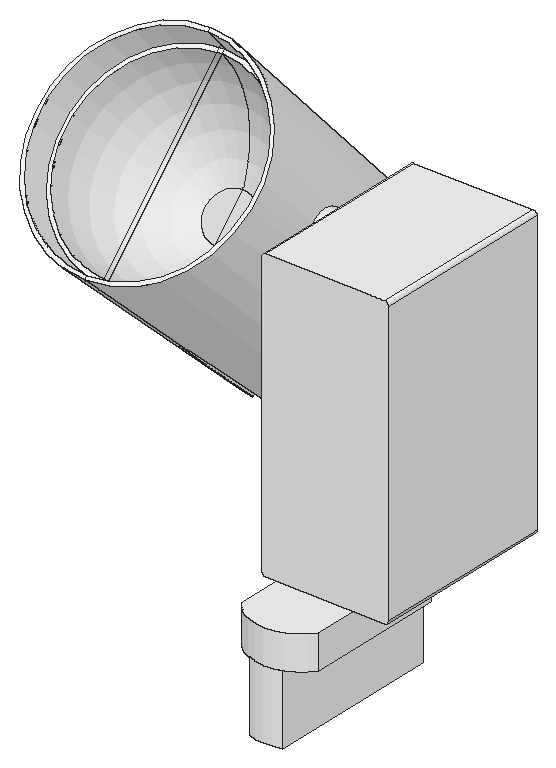
Revit family "0004871 Feilo Sylvania Lighting Fixture START TRACK SPOT S 14W 4K RA90 NB WHITE", category Lighting Fixtures, host Face, Revit 2017 (continued)
Definition of nested family "Start Track Spot Head"
  Types (96, lengths in mm): name | Wattage | built-in parameter 1150134 | Photometric Web File | Model | built-in parameter 1150105 | Lumens | built-in parameter 1150107 | built-in parameter 1150106 | HeadThickness_FEILO | HeadRibOffset_FEILO | HeadRibDepth_FEILO | HeadRibCutWidth_FEILO | HeadRibCutOffset_FEILO | HeadReflectorRadius_FEILO | HeadReflectorOffset_FEILO | HeadLEDRadius_FEILO | HeadHeight_FEILO | HeadDiffusorOffset_FEILO | HeadDiaOut_FEILO | HeadDiaIn_FEILO | HeadAxisFromTop_FEILO | Emit from Circle Diameter | built-in parameter 1150104 | Description | Apparent Load
    0004812 START TRACK SPOT S 14W 3K RA80 MB WHITE | 14 W | (empty or 0) | "0004812.ies" | "START TRACK SPOT S 14W 3K RA80 MB WHITE" | 120.32 (stored number, unit not read) | 1512 lm | 3000 (stored number, unit not read) | 1.2032 (stored number, unit not read) | 1.5 | 4.179 | 55.714 | 7.167 | 50.87 | 50.588 | 55.714 | 9.556 | 117 | 9.435 | 86 | 77.477 | 69.354 | 77.477 | 10.034 (stored number, unit not read) | "Integrated LED spotlight, Textured White - RAL9016, compact and minimalist design, ideal for retail applications, die-cast aluminium body, passive cooling heatsink. Beam angle: 36°, color temperature: 3000K , total system power: 14W, total fixture output: 1508 lm, LOR: 100%, colour rendering: Ra: 80 typical, LED Chromaticity: 3 step MacAdam ellipse, lifetime: >50000 hours at L70B50, energy class: A++, A+, A, IR/UV free light source without heat radiation, operating voltage: 220-240V / 50-60Hz, drive current: 350mA, electronic driver, non-dimmable, power factor: 0.92, electrical protection: Class II, Global Track 3 Phase adapter suitable for Global trac 3-circuit tracks, ingress protection rating: IP20, suitable for internal environment only, horizontal rotation: 355°, vertical tilt: 90°, dimensions: Ø86x140x200, weight: 0.940kg." | 14 VA
    0004811 START TRACK SPOT S 14W 3K RA80 NB WHITE | 14 W | (empty or 0) | "0004811.ies" | "START TRACK SPOT S 14W 3K RA80 NB WHITE" | 123.66 (stored number, unit not read) | 1554 lm | 3000 (stored number, unit not read) | 1.2366 (stored number, unit not read) | 1.5 | 4.179 | 55.714 | 7.167 | 50.87 | 50.588 | 55.714 | 9.556 | 117 | 9.435 | 86 | 77.477 | 69.354 | 77.477 | 10.312 (stored number, unit not read) | "Integrated LED spotlight, Textured White - RAL9016, compact and minimalist design, ideal for retail applications, die-cast aluminium body, passive cooling heatsink. Beam angle: 12°, color temperature: 3000K , total system power: 14W, total fixture output: 1551 lm, LOR: 100%, colour rendering: Ra: 80 typical, LED Chromaticity: 3 step MacAdam ellipse, lifetime: >50000 hours at L70B50, energy class: A++, A+, A, IR/UV free light source without heat radiation, operating voltage: 220-240V / 50-60Hz, drive current: 350mA, electronic driver, non-dimmable, power factor: 0.92, electrical protection: Class II, Global Track 3 Phase adapter suitable for Global trac 3-circuit tracks, ingress protection rating: IP20, suitable for internal environment only, horizontal rotation: 355°, vertical tilt: 90°, dimensions: Ø86x140x200, weight: 0.940kg." | 14 VA
  Reference planes
    plane 1 "Center (Front/Back)": y = 0
    plane 2: z = 0
    plane 3 "Center (Left/Right)": x = 0
    plane 4: x = 43
    plane 5: x = -43
    plane 6: x = -38.739
    plane 7: x = 38.739
    plane 8: z = 69.354
    plane 9: z = -47.646
    plane 10: x = -41.5
    plane 11: x = -37.239
    plane 12: z = -38.211
    plane 13: z = -35.211
    plane 14: z = 8.068
    plane 15: x = -9.556
    plane 16: x = -28.667
    plane 17: x = -19.111
    plane 18: x = -27.167
    plane 19: x = -17.611
    plane 20: x = -8.056
    plane 21: z = 13.64
    plane 22: x = -29.667
    plane 23: x = -26.167
    plane 24: x = -20.111
    plane 25: x = -16.611
    plane 26: x = -10.556
    plane 27: x = -7.056
    plane 28: x = -36.239
    plane 29: x = -40.5
    plane 30: z = 65.175
    plane 31: z = 60.997
    plane 32: z = 56.818
    plane 33: z = 18.484
    plane 34: y = -43
    plane 35: y = 43
    plane 36: y = 3.583
    plane 37: y = -3.583
    plane 38: y = -2.583
    plane 39: y = 2.583
    plane 40: y = 46
    plane 41: z = 13.5
    plane 42: z = -13.5
    plane 43: y = 39
    plane 44: x = 4.708
    plane 45: x = -2.458
    plane 46: x = -1.458
    plane 47: x = 1.458
  Forms (mm)
    Extrusion 1, solid
      sketch origin (4.2, 0, 0) x (1, 0, 0) y (0, 1, 0)
        loop
          line (-1219.2, 1219.2) -> (-1219.2, -1219.2) -> (1219.2, -1219.2) -> (1219.2, 1219.2) -> (-1219.2, 1219.2)
      from 0 to -68.017
    Revolve 2, solid, material <- "Material_1_FEILO", detail levels medium+fine
      sketch origin (0, 0, 0) x (1, 0, 0) y (0, 0, 1)
        loop
          line (-43, -47.646) -> (-41.5, -47.646) -> (-40.5, -35.211) -> (-38.739, -35.211)
          arc (-38.739, -35.211) -> (-30.16, -9.517) -> (-9.556, 8.068) r 50.588
          line (-9.556, 8.068) -> (0, 8.068) -> (0, 13.64) -> (-16.611, 13.64) -> (-17.611, 60.997) -> (-19.111, 60.997) -> (-20.111, 13.64) -> (-36.239, 13.64) -> (-37.239, 69.354) -> (-38.739, 69.354) -> (-43, -47.646)
        axis (0, 69.354) -> (0, -47.646)
      angle from 360 to 0
    Extrusion 3, void
      sketch origin (0, 0, 0) x (0, 1, 0) y (0, 0, 1)
        loop
          line (-3.583, 69.354) -> (-2.583, 18.484) -> (1.932, 18.484) -> (2.932, 69.354) -> (-3.583, 69.354)
      from 43 to -43
    Revolve 4, solid, material <- "Material_2_FEILO", detail levels medium+fine
      sketch origin (0, 0, 0) x (1, 0, 0) y (0, 0, 1)
        loop
          line (-41.5, -38.211) -> (0, -38.211) -> (0, -35.211) -> (-41.5, -35.211) -> (-41.5, -38.211)
        axis (0, -35.211) -> (0, -38.211)
      angle from 360 to 0
    Revolve 5, solid, material <- "Material_1_FEILO"
      sketch origin (0, 0, 0) x (0, 1, 0) y (0, 0, 1)
        loop
          line (46, 0) -> (39, 0) -> (39, -13.5) -> (46, -13.5) -> (46, 0)
        axis (39, 0) -> (46, 0)
      angle from 360 to 0
    Revolve 6, solid, material <- "Material_1_FEILO", detail levels medium+fine
      sketch origin (0, 0, 0) x (1, 0, 0) y (0, 0, 1)
        loop
          line (-29.667, 13.64) -> (-26.167, 13.64) -> (-27.167, 65.175) -> (-28.667, 65.175) -> (-29.667, 13.64)
        loop
          line (-10.556, 13.64) -> (-7.056, 13.64) -> (-7.833, 56.818) -> (-9.778, 56.818) -> (-10.556, 13.64)
        axis (0, 65.175) -> (0, 13.64)
      angle from 360 to 0
    Extrusion 7, void
      sketch origin (0, 0, 0) x (1, 0, 0) y (0, 0, 1)
        loop
          line (4.708, 69.354) -> (-2.458, 69.354) -> (-1.458, 13.64) -> (1.458, 13.64) -> (4.708, 69.354)
      from -43 to 43
    Revolve 8, solid, material <- "Material_1_FEILO", detail levels coarse
      sketch origin (0, 0, 0) x (1, 0, 0) y (0, 0, 1)
        loop
          line (0, 69.354) -> (-38.739, 69.354) -> (-43, -47.646) -> (-41.5, -47.646) -> (-40.731, -38.211) -> (0, -38.211) -> (0, 69.354)
        axis (0, 69.354) -> (0, -47.646)
      angle from 360 to 0
  Cuts and joins
    Extrusion 3 cuts Revolve 2
    Extrusion 7 cuts Revolve 6
  Dimensions and locks
    equal spacing: plane 7, plane 3 "Center (Left/Right)", plane 6
    equal spacing: plane 4, plane 3 "Center (Left/Right)", plane 5
    "HeadDiaOut_FEILO": plane 4 to plane 5
    "HeadDiaIn_FEILO": plane 7 to plane 6
    "HeadHeight_FEILO": plane 8 to plane 9
    "HeadThickness_FEILO": plane 10 to plane 5
    "HeadThickness_FEILO": plane 11 to plane 6
    "HeadDiffusorOffset_FEILO": plane 12 to plane 9
    "HeadDiffusorThickness_FEILO": plane 13 to plane 12
    "HeadReflectorOffset_FEILO": plane 14 to plane 9
    "HeadLEDRadius_FEILO": plane 3 "Center (Left/Right)" to plane 15
    "HeadLEDRadius_FEILO": plane 15 to plane 17
    "HeadLEDRadius_FEILO": plane 17 to plane 16
    "HeadThickness_FEILO": plane 18 to plane 16
    "HeadThickness_FEILO": plane 19 to plane 17
    "HeadThickness_FEILO": plane 20 to plane 15
    "HeadRibDepth_FEILO": plane 8 to plane 21
    "HeadDraft_FEILO": plane 16 to plane 22
    "HeadDraft_FEILO": plane 23 to plane 18
    "HeadDraft_FEILO": plane 17 to plane 24
    "HeadDraft_FEILO": plane 25 to plane 19
    "HeadDraft_FEILO": plane 15 to plane 26
    "HeadDraft_FEILO": plane 27 to plane 20
    "HeadDraft_FEILO": plane 29 to plane 10
    "HeadDraft_FEILO": plane 28 to plane 11
    "HeadRibOffset_FEILO": plane 8 to plane 30
    "HeadRibOffset_FEILO": plane 30 to plane 31
    "HeadRibOffset_FEILO": plane 31 to plane 32
    "HeadAxisFromTop_FEILO": plane 8 to plane 2
    "HeadRibCutOffset_FEILO": plane 8 to plane 33
    equal spacing: plane 34, plane 1 "Center (Front/Back)", plane 35
    "HeadDiaOut_FEILO": plane 34 to plane 35
    equal spacing: plane 38, plane 1 "Center (Front/Back)", plane 39
    equal spacing: plane 37, plane 1 "Center (Front/Back)", plane 36
    "HeadRibCutWidth_FEILO": plane 37 to plane 36
    "HeadDraft_FEILO": plane 37 to plane 38
    locked: plane 35 to plane 40 at 3
    equal spacing: plane 41, plane 2, plane 42
    locked: plane 42 to plane 41 at 27
    locked: plane 43 to plane 35 at 4
    equal spacing: plane 45, imposter light, plane 44
    "HeadDraft_FEILO": plane 46 to plane 45
    "HeadRibCutWidth_FEILO": plane 44 to plane 45
    equal spacing: plane 47, plane 3 "Center (Left/Right)", plane 46
    "HeadReflectorRadius_FEILO": radius of Revolve 2 sketch curve
    aligned and locked: plane 2 to Extrusion 1
    aligned and locked: level to Extrusion 1
    aligned and locked: Revolve 2 sketch curve to plane 3 "Center (Left/Right)"  (x2)
    aligned and locked: plane 9 to Revolve 2 sketch curve  (x2)
    aligned and locked: plane 5 to Revolve 2 sketch curve
    aligned and locked: plane 10 to Revolve 2 sketch curve
    aligned and locked: plane 14 to Revolve 2 sketch curve
    aligned and locked: plane 8 to Revolve 2 sketch curve
    aligned and locked: Revolve 2 sketch curve to plane 13
    aligned and locked: plane 12 to Revolve 4 sketch curve
    aligned and locked: plane 3 "Center (Left/Right)" to Revolve 4 sketch curve
    aligned and locked: Revolve 4 sketch curve to plane 10
    aligned and locked: Revolve 4 sketch curve to plane 3 "Center (Left/Right)"
    aligned and locked: plane 12 to imposter light
    aligned and locked: imposter light to plane 1 "Center (Front/Back)"
    aligned and locked: Revolve 5 sketch curve to plane 2
    aligned and locked: plane 43 to Revolve 5 sketch curve
    aligned and locked: plane 42 to Revolve 5 sketch curve
    aligned and locked: Revolve 6 sketch curve to plane 3 "Center (Left/Right)"
    aligned and locked: plane 22 to Revolve 6 sketch curve
    aligned and locked: plane 30 to Revolve 6 sketch curve
    aligned and locked: plane 23 to Revolve 6 sketch curve
    aligned and locked: Revolve 6 sketch curve to plane 21  (x2)
    aligned and locked: plane 21 to Revolve 6 sketch curve
    aligned and locked: plane 17 to Revolve 2 sketch curve
    aligned and locked: plane 19 to Revolve 2 sketch curve
    aligned and locked: plane 31 to Revolve 2 sketch curve
    aligned and locked: plane 21 to Revolve 2 sketch curve
    aligned and locked: Extrusion 3 to plane 8
    aligned and locked: plane 33 to Extrusion 3
    aligned and locked: plane 8 to Extrusion 3 sketch curve
    aligned and locked: Extrusion 3 sketch curve to plane 33
    aligned and locked: Extrusion 3 to plane 5
    aligned and locked: plane 4 to Extrusion 3
    aligned and locked: plane 32 to Revolve 6 sketch curve
    aligned and locked: plane 44 to Extrusion 7 sketch curve
    aligned and locked: Extrusion 7 sketch curve to plane 8
    aligned and locked: plane 46 to Extrusion 7 sketch curve
    aligned and locked: plane 21 to Extrusion 7 sketch curve
    aligned and locked: plane 34 to Extrusion 7
    aligned and locked: Extrusion 7 to plane 35
    aligned and locked: Revolve 4 sketch curve to plane 13
    aligned and locked: Revolve 5 sketch curve to plane 40
    aligned and locked: Revolve 8 sketch curve to plane 3 "Center (Left/Right)"
    aligned and locked: Revolve 8 sketch curve to cut or joined group of Revolve 2, Extrusion 3  (x3)
    aligned and locked: plane 5 to Revolve 8 sketch curve
    aligned and locked: plane 3 "Center (Left/Right)" to Revolve 8 sketch curve
    aligned and locked: plane 12 to Revolve 8 sketch curve
  Automatic sketch dimensions
    Extrusion 1 sketch curve to Extrusion 1 sketch curve = 2438.4 mm  (x2)
    Extrusion 3 sketch curve to plane 37 = 0 mm
    Extrusion 3 sketch curve to plane 38 = 0 mm
    plane 39 to Extrusion 3 sketch curve = 0.651 mm
    Extrusion 3 sketch curve to plane 39 = 0.349 mm
    Revolve 6 sketch curve to plane 16 = 0 mm
    Revolve 6 sketch curve to plane 18 = 0 mm
    Revolve 6 sketch curve to plane 26 = 0 mm
    Revolve 6 sketch curve to plane 27 = 0 mm
    Revolve 6 sketch curve to plane 15 = 0.222 mm
    plane 9 to Revolve 6 sketch curve = 559.103 mm
    Revolve 6 sketch curve to plane 8 = 2535.555 mm
    plane 20 to Revolve 6 sketch curve = 0.222 mm
    Revolve 2 sketch curve to plane 29 = 0 mm
    Revolve 2 sketch curve to plane 6 = 0 mm  (x2)
    Revolve 2 sketch curve to plane 11 = 0 mm
    Revolve 2 sketch curve to plane 21 = 0 mm
    Revolve 2 sketch curve to plane 28 = 0 mm
    Revolve 2 sketch curve to plane 24 = 0 mm
    Revolve 2 sketch curve to plane 25 = 0 mm
    Revolve 2 sketch curve to plane 15 = 0 mm
    Revolve 2 sketch curve to Revolve 2 sketch curve = 557.155 mm
    Revolve 2 sketch curve to plane 8 = 2535.558 mm
    Extrusion 7 sketch curve to plane 45 = 0 mm
    Extrusion 7 sketch curve to plane 47 = 0 mm
    plane 9 to Revolve 4 sketch curve = 559.103 mm
    Revolve 4 sketch curve to plane 8 = 2535.555 mm
    Revolve 5 sketch curve to level = 0 mm
    plane 34 to Revolve 5 sketch curve = 1968.092 mm
    Revolve 5 sketch curve to plane 40 = 1405.763 mm
    Revolve 8 sketch curve to plane 6 = 0 mm
    Revolve 8 sketch curve to plane 29 = 0.231 mm
    plane 9 to Revolve 8 sketch curve = 559.103 mm
    Revolve 8 sketch curve to Revolve 8 sketch curve = 2535.555 mm
Definition of nested family "Start Track Spot Box"
  Parameters (values of type "Type Large White")
    URL = "http://www.feilosylvania.com"
    Type Image = (empty or 0)
    Type Comments = "n/a"
    Small_FEILO = no
    Material_3_FEILO = none
    Model = ""
    Manufacturer = "Feilo Sylvania"
    Keynote = ""
    Material_2_FEILO = none
    Description = ""
    Default Elevation = 1219.2 mm
    Cost = 0
    Material_1_FEILO = none
    BoxWidth_FEILO = 49 mm
    BoxStartAngle_FEILO [instance] = 0.00°
    BoxRadius_FEILO = 1.5 mm
    BoxHeight_FEILO = if(Small_FEILO, 112 mm, 136 mm)  # 136 mm
    BoxEndAngle_FEILO [instance] = BoxStartAngle_FEILO - 180.00°  # -180.00°
    BoxDepth_FEILO = if(Small_FEILO, 71.5 mm, 79 mm)  # 79 mm
    BoxAxisVerticalOffset_FEILO = 16 mm
    BoxAxisOffset_FEILO = BoxHeight_FEILO / 6.8  # 20 mm
    Assembly Code = ""
    Material_4_FEILO = none
  Types (4, lengths in mm): name | Small_FEILO | BoxHeight_FEILO | BoxDepth_FEILO | BoxAxisOffset_FEILO
    Type Large White | no | 136 | 79 | 20
    Type Small White | yes | 112 | 71.5 | 16.471
    Type Small Black | yes | 112 | 71.5 | 16.471
    Type Large Black | no | 136 | 79 | 20
  Reference planes
    plane 1 "Center (Front/Back)": y = 0
    plane 2: z = 0
    plane 3 "Center (Left/Right)": x = 0
    plane 4: x = 24.5
    plane 5: x = -24.5
    plane 6: y = 68
    plane 7: y = -68
    plane 8: z = 39.5
    plane 9: z = -39.5
    plane 10: y = -48
    plane 11: x = 30.5
    plane 12: x = 8.5
    plane 13: x = 21.5
    plane 14: y = 70
    plane 15: y = 72
    plane 16: x = 19.5
  Forms (mm)
    Extrusion 1, solid
      sketch origin (4.2, 0, 0) x (1, 0, 0) y (0, 1, 0)
        loop
          line (-1219.2, 1219.2) -> (-1219.2, -1219.2) -> (1219.2, -1219.2) -> (1219.2, 1219.2) -> (-1219.2, 1219.2)
      from 0 to -68.017
    Extrusion 2, solid, material <- "Material_1_FEILO"
      sketch origin (0, 0, 0) x (1, 0, 0) y (0, 1, 0)
        loop
          arc (-23, 68) -> (-24.061, 67.561) -> (-24.5, 66.5) r 1.5
          line (-24.5, 66.5) -> (-24.5, -66.5)
          arc (-24.5, -66.5) -> (-24.061, -67.561) -> (-23, -68) r 1.5
          line (-23, -68) -> (23, -68)
          arc (23, -68) -> (24.061, -67.561) -> (24.5, -66.5) r 1.5
          line (24.5, -66.5) -> (24.5, 66.5)
          arc (24.5, 66.5) -> (24.061, 67.561) -> (23, 68) r 1.5
          line (23, 68) -> (-23, 68)
      from -39.5 to 39.5
    Revolve 3, solid, not visible
      sketch origin (0, 0, 0) x (1, 0, 0) y (0, 1, 0)
        loop
          line (30.5, -48) -> (24.5, -48) -> (24.5, -68) -> (30.5, -68) -> (30.5, -48)
        axis (30.5, -48) -> (24.5, -48)
      angle from 0 <- "BoxStartAngle_FEILO" to -180 <- "BoxEndAngle_FEILO"
    Revolve 4, solid, material <- "Material_2_FEILO"
      sketch origin (0, 0, 0) x (1, 0, 0) y (0, 1, 0)
        loop
          line (8.5, 68) -> (19.5, 68) -> (19.5, 70) -> (21.5, 70) -> (21.5, 72) -> (8.5, 72) -> (8.5, 68)
        axis (8.5, 72) -> (8.5, 68)
      angle from 360 to 0
  Dimensions and locks
    equal spacing: plane 5, plane 3 "Center (Left/Right)", plane 4
    "BoxWidth_FEILO": plane 5 to plane 4
    equal spacing: plane 7, plane 1 "Center (Front/Back)", plane 6
    "BoxHeight_FEILO": plane 7 to plane 6
    equal spacing: plane 8, plane 2, plane 9
    "BoxDepth_FEILO": plane 8 to plane 9
    "BoxAxisOffset_FEILO": plane 7 to plane 10
    locked: plane 4 to plane 11 at 6
    "BoxAxisVerticalOffset_FEILO": plane 12 to plane 4
    locked: plane 12 to plane 13 at 13
    plane 6 to plane 14 to plane 15 = 2 mm locked, 2 mm locked
    locked: plane 12 to plane 16 at 11
    "BoxRadius_FEILO": radius of Extrusion 2 sketch curve  (x4)
    aligned and locked: plane 2 to Extrusion 1
    aligned and locked: level to Extrusion 1
    aligned and locked: plane 6 to Extrusion 2 sketch curve
    aligned and locked: plane 5 to Extrusion 2 sketch curve
    aligned and locked: Extrusion 2 sketch curve to plane 7
    aligned and locked: Extrusion 2 sketch curve to plane 4
    aligned and locked: Extrusion 2 to plane 8
    aligned and locked: plane 9 to Extrusion 2
    aligned and locked: Revolve 3 sketch curve to plane 10  (x2)
    aligned and locked: plane 11 to Revolve 3 sketch curve
    aligned and locked: Revolve 3 sketch curve to plane 4
    aligned and locked: plane 7 to Revolve 3 sketch curve
    aligned and locked: Revolve 4 sketch curve to plane 12
    aligned and locked: plane 6 to Revolve 4 sketch curve
    aligned and locked: plane 12 to Revolve 4 sketch curve
    aligned and locked: plane 15 to Revolve 4 sketch curve
    aligned and locked: Revolve 4 sketch curve to plane 13
    aligned and locked: Revolve 4 sketch curve to plane 14
    aligned and locked: Revolve 4 sketch curve to plane 16
    aligned and locked: Revolve 4 sketch curve to plane 6
  Automatic sketch dimensions
    Extrusion 1 sketch curve to Extrusion 1 sketch curve = 2438.4 mm  (x2)
    Revolve 3 sketch curve to plane 5 = 1499.5 mm
    plane 11 to Revolve 3 sketch curve = 1493.5 mm
    plane 15 to Revolve 4 sketch curve = 0 mm
    plane 7 to Revolve 4 sketch curve = 1456 mm
    Revolve 4 sketch curve to plane 15 = 1452 mm
